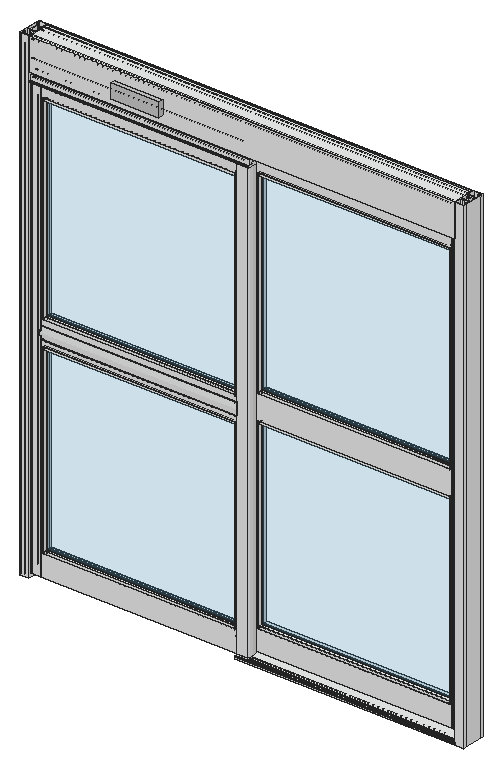
Revit family "2-6-4_Sliding-Door_TX9300SL_Single-LH-Inside-Slide-SO-SX-w-Elec-Lock-Flush-Mnt-Exit-Panic-HDW_Tormax", category Doors, host Wall, Revit 2026
Family settings
  Host = Wall
  Classification Number = 23.30.10.00
  Always vertical = Yes
  Cut with Voids When Loaded = Yes
  Shared = No
  Room Calculation Point = No
Parameters (values of type "7'-0" Package Width")
  Width = 7' - 0"
  URL = "https://www.tormaxusa.com"
  Thickness = 0' - 4 1/2"  # constant formula
  Specification = "https://www.arcat.com/company/tormax-usa-inc-43969/spec"
  Rough Width = Width + 0' 0 1/2"  # 7' - 0 1/2"
  Rough Height = Height + 0' 0 1/4"  # 7' - 8 1/4"
  Product Page URL = "https://www.arcat.com/arcatcos/cos43/arc43969.html"
  Model = "TX9300SL"
  Manufacturer = "Tormax"
  Keynote = "08 42 29"
  Height = 7' - 8"  # constant formula
  Glass = Glass - Tormax
  Frame Projection Ext. = 0' - 0"
  Frame Projection Int. = 0' - 0"
  Frame Width = 0' - 0"
  Wall Closure = By host
  Door Width = Width / 2 - 0' 0 9/16"  # 3' - 5 7/16"
  Door Height = Height  # 7' - 8"
  Frame Material = Aluminum - Tormax
  Description = "Single LH Inside Slide Application (SO-SX) w/ Electric Lock & Flush Mount Exit Panic HDW, 7'-0\" Package Width"
  Define Thermal Properties by = Schematic Type
  Copyright = "ARCAT"
  CAD Details = "https://www.arcat.com/company/tormax-usa-inc-43969/cad"
  Analytic Construction = "<None>"
Reference planes (in)
  plane 1 "Center (Front/Back)": y = 0
  plane 2 "Center (Left/Right)": x = 0
  plane 3 "Left": x = -42.25
  plane 4 "Right": x = 42.25
  plane 5 "Top": z = 91.75
  plane 6 "Exterior": y = 3
  plane 7 "Interior": y = -3
  plane 8: x = -1.3125
  plane 9: x = 1.3125
  plane 10: y = -2.25
  plane 11 "4": z = 85
  plane 12: x = -42
  plane 13: x = 42
  plane 14: z = 91.5
  plane 15: y = 2.25
  plane 16: x = -40.24908
  plane 17: x = 40.24908
  plane 18: y = 0.9375
  plane 19: y = -1.38997
  plane 20: x = -19.46829
  plane 21: z = 0.5
  plane 22: z = -0.5
Forms (in)
  Extrusion 1, solid, material "Plastic - Tormax - Grey"
    sketch origin (0, 0, 0) x (1, 0, 0) y (0, 0, 1)
      loop
        line (-23.96829, 89.555) -> (-23.96829, 86.945) -> (-14.96829, 86.945) -> (-14.96829, 89.555) -> (-23.96829, 89.555)
    from 2.23036 to 3.23036
  Extrusion 2, solid, material "Plastic - Tormax - Grey"
    sketch origin (0, 0, 0) x (1, 0, 0) y (0, 0, 1)
      loop
        line (-23.96829, 89.555) -> (-23.96829, 86.945) -> (-14.96829, 86.945) -> (-14.96829, 89.555) -> (-23.96829, 89.555)
    from -3.23457 to -2.23457
  Sweep 3, solid, material "Aluminum - Tormax" <- "Frame Material"
    path origin (0, 0, 0) x (1, 0, 0) y (0, 0, 1)
      loop
        line (-40.24908, 85) -> (40.24908, 85)
    profile origin (0, 0, 85) x (0, 0, 1) y (0, -1, 0)
      loop
        line (5.77619, 2.07466) -> (5.77619, 1.22179) -> (5.91858, 1.22179)
        arc (5.91858, 1.22179) -> (5.95775, 1.20557) -> (5.97397, 1.1664) r 0.05539
        line (5.97397, 1.1664) -> (5.97397, 1.11939) -> (6.03942, 1.11939) -> (6.06795, 1.15867) -> (6.25171, 1.15867) -> (6.25171, 0.53164) -> (6.11284, 0.53164) -> (6.11284, 0.64246) -> (6.03429, 0.64246) -> (6.03429, 0.53164) -> (5.97397, 0.53164) -> (5.97397, 0.29669) -> (6.05393, 0.29669) -> (6.05393, 0.42995) -> (6.1928, 0.42995) -> (6.1928, 0.32403) -> (6.33027, 0.32403) -> (6.33027, -0.00721) -> (6.1928, -0.00721) -> (6.1928, -0.11382) -> (6.05393, -0.11382) -> (6.05393, 0.01944) -> (5.97397, 0.01944) -> (5.97397, -0.19378) -> (6.27276, -0.19378) -> (6.27276, -0.11503)
        arc (6.27276, -0.11503) -> (6.30151, -0.08627) -> (6.33027, -0.11503) r 0.02876
        line (6.33027, -0.11503) -> (6.33027, -0.44908)
        arc (6.33027, -0.44908) -> (6.30151, -0.47783) -> (6.27276, -0.44908) r 0.02876
        line (6.27276, -0.44908) -> (6.27276, -0.37032) -> (5.97397, -0.37032) -> (5.97397, -0.58354) -> (6.05393, -0.58354) -> (6.05393, -0.45028) -> (6.1928, -0.45028) -> (6.1928, -0.55689) -> (6.33027, -0.55689) -> (6.33027, -0.88653) -> (6.1928, -0.88653) -> (6.1928, -0.99314) -> (6.05393, -0.99314) -> (6.05393, -0.85988) -> (5.97397, -0.85988) -> (5.97397, -1.0731) -> (6.27276, -1.0731) -> (6.27276, -0.99434)
        arc (6.27276, -0.99434) -> (6.30151, -0.96559) -> (6.33027, -0.99434) r 0.02876
        line (6.33027, -0.99434) -> (6.33027, -1.32981)
        arc (6.33027, -1.32981) -> (6.30151, -1.35856) -> (6.27276, -1.32981) r 0.02876
        line (6.27276, -1.32981) -> (6.27276, -1.25125) -> (5.97397, -1.25125) -> (5.97397, -1.46306) -> (6.05393, -1.46306) -> (6.05393, -1.3298) -> (6.1928, -1.3298) -> (6.1928, -1.43623) -> (6.24189, -1.43623) -> (6.24189, -1.76475) -> (6.1928, -1.76475) -> (6.1928, -1.87407) -> (6.05393, -1.87407) -> (6.05393, -1.7394) -> (5.97397, -1.7394) -> (5.97397, -1.93598)
        arc (5.97397, -1.93598) -> (5.93664, -2.02611) -> (5.84651, -2.06344) r 0.12746
        line (5.84651, -2.06344) -> (1.75483, -2.06344) -> (1.75483, -1.53331) -> (1.9456, -1.35354) -> (1.9456, -0.73504) -> (1.83128, -0.62071) -> (2.08658, -0.36541) -> (2.03117, -0.31001) -> (1.93648, -0.40469) -> (1.83689, -0.3051) -> (1.91264, -0.22935) -> (1.85512, -0.17184) -> (2.08868, 0.06172) -> (2.14619, 0.00421) -> (2.22127, 0.07928) -> (2.32086, -0.02032) -> (2.22615, -0.11502) -> (2.28156, -0.17043) -> (2.38466, -0.06733) -> (2.38466, 0.9202) -> (2.23457, 0.9202) -> (2.23457, 0.32723)
        arc (2.23457, 0.32723) -> (2.2005, 0.23362) -> (2.11423, 0.18382) r 0.14562
        line (2.11423, 0.18382) -> (2.0338, 0.16963)
        arc (2.0338, 0.16963) -> (1.99627, 0.15695) -> (1.96422, 0.13365) r 0.13141
        line (1.96422, 0.13365) -> (1.83569, 0.00654)
        arc (1.83569, 0.00654) -> (1.6158, -0.06179) -> (1.43332, 0.07864) r 0.25
        line (1.43332, 0.07864) -> (1.36206, 0.23145) -> (1.17269, 0.23145) -> (1.17269, 0.1529) -> (1.30595, 0.1529) -> (1.30595, 0.01262) -> (1.19934, 0.01262) -> (1.19934, -0.06867) -> (0.8697, -0.06867) -> (0.8697, 0.01262) -> (0.76309, 0.01262) -> (0.76309, 0.1529) -> (0.89635, 0.1529) -> (0.89635, 0.23145) -> (0.59196, 0.23145) -> (0.59196, 0.11643) -> (0.47481, 0.11643)
        arc (0.47481, 0.11643) -> (0.40392, 0.14579) -> (0.37455, 0.21669) r 0.10026
        line (0.37455, 0.21669) -> (0.37455, 1.02507)
        arc (0.37455, 1.02507) -> (0.36443, 1.03854) -> (0.34867, 1.03258) r 0.01403
        line (0.34867, 1.03258) -> (0.23145, 0.84785) -> (0.23145, 0.28897) -> (-0.01964, 0.28897) -> (-0.01964, 0.45028) -> (-0.21462, 0.45028) -> (-0.21462, 0.4068) -> (-0.15431, 0.4068) -> (-0.15431, 0.33666) -> (-0.48395, 0.33666) -> (-0.48395, 0.4068) -> (-0.42504, 0.4068) -> (-0.42504, 0.45028) -> (-0.62422, 0.45028) -> (-0.62422, 0.04489) -> (-0.42504, 0.04489) -> (-0.42504, 0.08837) -> (-0.48395, 0.08837) -> (-0.48395, 0.15851) -> (-0.15431, 0.15851) -> (-0.15431, 0.08837) -> (-0.21462, 0.08837) -> (-0.21462, 0.04489) -> (0, 0.04489) -> (0, -2.23457) -> (6.5, -2.23457) -> (6.5, -2.00635)
        arc (6.5, -2.00635) -> (6.48905, -1.99208) -> (6.47243, -1.99896) r 0.01477
        line (6.47243, -1.99896) -> (6.41577, -2.09711)
        arc (6.41577, -2.09711) -> (6.39129, -2.10725) -> (6.37515, -2.08622) r 0.02177
        line (6.37515, -2.08622) -> (6.37515, -1.85076) -> (6.5, -1.72592) -> (6.5, 2.23036) -> (0.28141, 2.23036) -> (0.28141, 1.68048) -> (0.40539, 1.68048) -> (0.40539, 2.10552) -> (6.03008, 2.10552) -> (6.03008, 1.97602) -> (5.93246, 1.97602)
        arc (5.93246, 1.97602) -> (5.88314, 1.9267) -> (5.93246, 1.87738) r 0.04932
        line (5.93246, 1.87738) -> (6.29099, 1.87738) -> (6.29099, 2.1562) -> (6.34244, 2.14241)
        arc (6.34244, 2.14241) -> (6.39719, 1.79317) -> (6.22817, 1.4827) r 0.55026
        line (6.22817, 1.4827) -> (6.14932, 1.4827) -> (6.14932, 1.35631) -> (5.87438, 1.35631) -> (5.87438, 1.93675)
        arc (5.87438, 1.93675) -> (5.89217, 1.97971) -> (5.93513, 1.99751) r 0.06075
        line (5.93513, 1.99751) -> (5.99221, 1.99751) -> (5.99221, 2.07466) -> (5.77619, 2.07466)
      loop
        line (0.07995, -1.86565) -> (0.26091, -1.86565) -> (0.26091, -1.94734) -> (0.30619, -1.97106) -> (0.30619, -2.06344) -> (1.5851, -2.06344) -> (1.5851, -1.38773) -> (1.33962, -1.38773) -> (1.33962, -1.17409) -> (1.41957, -1.17409) -> (1.41957, -1.30735) -> (1.55985, -1.30735) -> (1.55985, -1.20075) -> (1.75062, -1.20075) -> (1.75062, -0.8711) -> (1.55985, -0.8711) -> (1.55985, -0.76309) -> (1.41957, -0.76309) -> (1.41957, -0.89776) -> (1.33962, -0.89776) -> (1.33962, -0.66367) -> (1.69036, -0.66367) -> (1.69036, -0.25479) -> (1.4982, -0.21838) -> (0.7408, -0.21838) -> (0.47711, -0.03365) -> (0.3058, -0.03421) -> (0.3058, -0.2539) -> (0.26091, -0.28335) -> (0.26091, -0.39978) -> (0.07995, -0.39978) -> (0.07995, -1.86565)
  Sweep 4, solid, material "Aluminum - Tormax" <- "Frame Material"
    path origin (0, 0, 0) x (1, 0, 0) y (0, 0, 1)
      loop
        line (-42, 91.5) -> (-42, -0.5)
    profile origin (-42, 0, 45.5) x (0, -1, 0) y (1, 0, 0)
      loop
        line (-2.25, 0) -> (-1.81515, 0) -> (-1.81515, 0.11322) -> (-1.69933, 0.11322)
        arc (-1.69933, 0.11322) -> (-1.69067, 0.15137) -> (-1.70596, 0.18738) r 0.06366
        line (-1.70596, 0.18738) -> (-1.81808, 0.18738)
        arc (-1.81808, 0.18738) -> (-1.86945, 0.1699) -> (-1.89951, 0.12472) r 0.08425
        line (-1.89951, 0.12472) -> (-2.12383, 0.12472) -> (-2.12383, 1.62444) -> (-1.01125, 1.62444)
        arc (-1.01125, 1.62444) -> (-0.97854, 1.4893) -> (-0.88136, 1.38986) r 0.2623
        line (-0.88136, 1.38986) -> (-0.88136, 0.87481)
        arc (-0.88136, 0.87481) -> (-0.81729, 0.72014) -> (-0.66261, 0.65607) r 0.21875
        line (-0.66261, 0.65607) -> (0.66817, 0.65607)
        arc (0.66817, 0.65607) -> (0.82039, 0.71912) -> (0.88344, 0.87134) r 0.21527
        line (0.88344, 0.87134) -> (0.88344, 1.39109)
        arc (0.88344, 1.39109) -> (0.97912, 1.49036) -> (1.01125, 1.62444) r 0.2623
        line (1.01125, 1.62444) -> (2.12383, 1.62444) -> (2.12383, 0.12472) -> (1.89951, 0.12472)
        arc (1.89951, 0.12472) -> (1.86945, 0.1699) -> (1.81808, 0.18738) r 0.08425
        line (1.81808, 0.18738) -> (1.71377, 0.18738)
        arc (1.71377, 0.18738) -> (1.69848, 0.15137) -> (1.70714, 0.11322) r 0.06366
        line (1.70714, 0.11322) -> (1.80734, 0.11322) -> (1.80734, 0) -> (2.25, 0) -> (2.25, 1.75092) -> (0.85905, 1.75092) -> (0.85905, 1.49159) -> (0.72205, 1.49159) -> (0.72205, 1.6564) -> (0.66591, 1.6564) -> (0.66591, 1.42631) -> (0.75855, 1.42631) -> (0.75855, 0.87892)
        arc (0.75855, 0.87892) -> (0.72992, 0.80981) -> (0.6608, 0.78118) r 0.09775
        line (0.6608, 0.78118) -> (-0.65544, 0.78118)
        arc (-0.65544, 0.78118) -> (-0.72688, 0.81077) -> (-0.75647, 0.88221) r 0.10104
        line (-0.75647, 0.88221) -> (-0.75647, 1.42631) -> (-0.65809, 1.42631) -> (-0.65809, 1.65835) -> (-0.72205, 1.65835) -> (-0.72205, 1.49159) -> (-0.85868, 1.49159) -> (-0.85868, 1.75092) -> (-2.25, 1.75092) -> (-2.25, 0)
      loop
        line (-1.77192, 0) -> (1.76565, 0) -> (1.76565, 0.07235) -> (1.60504, 0.07235) -> (1.60504, 0.18932) -> (1.6607, 0.18932) -> (1.59241, 0.37695)
        arc (1.59241, 0.37695) -> (1.54664, 0.39829) -> (1.52529, 0.35252) r 0.03571
        line (1.52529, 0.35252) -> (1.57291, 0.22167) -> (1.53738, 0.20277) -> (1.53738, 0.07235) -> (0.63819, 0.07235) -> (0.63819, 0.55414) -> (0.55418, 0.55414) -> (0.55418, 0.07235) -> (-1.53738, 0.07235) -> (-1.53738, 0.20277) -> (-1.57291, 0.22167) -> (-1.52529, 0.35252)
        arc (-1.52529, 0.35252) -> (-1.54664, 0.39829) -> (-1.59241, 0.37695) r 0.03571
        line (-1.59241, 0.37695) -> (-1.6607, 0.18932) -> (-1.60504, 0.18932) -> (-1.60504, 0.07235) -> (-1.77192, 0.07235) -> (-1.77192, 0)
      loop
        line (-0.57123, 1.42631) -> (-0.50727, 1.42631) -> (-0.50727, 1.69246) -> (0.50727, 1.69246) -> (0.50727, 1.42631) -> (0.57123, 1.42631) -> (0.57123, 1.69246) -> (0.72205, 1.69246) -> (0.72205, 1.75092) -> (-0.72205, 1.75092) -> (-0.72205, 1.69246) -> (-0.57123, 1.69246) -> (-0.57123, 1.42631)
  Sweep 5, solid, material "Aluminum - Tormax" <- "Frame Material"
    path origin (0, 0, 0) x (-1, 0, 0) y (0, 0, -1)
      loop
        line (-42, -91.5) -> (-42, 0.5)
    profile origin (42, 0, 45.5) x (0, -1, 0) y (1, 0, 0)
      loop
        line (-2.25, 0) -> (-2.25, -1.75092) -> (-0.85868, -1.75092) -> (-0.85868, -1.49159) -> (-0.72205, -1.49159) -> (-0.72205, -1.65835) -> (-0.65809, -1.65835) -> (-0.65809, -1.42631) -> (-0.75647, -1.42631) -> (-0.75647, -0.88221)
        arc (-0.75647, -0.88221) -> (-0.72688, -0.81077) -> (-0.65544, -0.78118) r 0.10104
        line (-0.65544, -0.78118) -> (0.6608, -0.78118)
        arc (0.6608, -0.78118) -> (0.72992, -0.80981) -> (0.75855, -0.87892) r 0.09775
        line (0.75855, -0.87892) -> (0.75855, -1.42631) -> (0.66591, -1.42631) -> (0.66591, -1.6564) -> (0.72205, -1.6564) -> (0.72205, -1.49159) -> (0.85905, -1.49159) -> (0.85905, -1.75092) -> (2.25, -1.75092) -> (2.25, 0) -> (1.80734, 0) -> (1.80734, -0.11322) -> (1.70714, -0.11322)
        arc (1.70714, -0.11322) -> (1.69848, -0.15137) -> (1.71377, -0.18738) r 0.06366
        line (1.71377, -0.18738) -> (1.81808, -0.18738)
        arc (1.81808, -0.18738) -> (1.86945, -0.1699) -> (1.89951, -0.12472) r 0.08425
        line (1.89951, -0.12472) -> (2.12383, -0.12472) -> (2.12383, -1.62444) -> (1.01125, -1.62444)
        arc (1.01125, -1.62444) -> (0.97912, -1.49036) -> (0.88344, -1.39109) r 0.2623
        line (0.88344, -1.39109) -> (0.88344, -0.87134)
        arc (0.88344, -0.87134) -> (0.82039, -0.71912) -> (0.66817, -0.65607) r 0.21527
        line (0.66817, -0.65607) -> (-0.66261, -0.65607)
        arc (-0.66261, -0.65607) -> (-0.81729, -0.72014) -> (-0.88136, -0.87481) r 0.21875
        line (-0.88136, -0.87481) -> (-0.88136, -1.38986)
        arc (-0.88136, -1.38986) -> (-0.97854, -1.4893) -> (-1.01125, -1.62444) r 0.2623
        line (-1.01125, -1.62444) -> (-2.12383, -1.62444) -> (-2.12383, -0.12472) -> (-1.89951, -0.12472)
        arc (-1.89951, -0.12472) -> (-1.86945, -0.1699) -> (-1.81808, -0.18738) r 0.08425
        line (-1.81808, -0.18738) -> (-1.70596, -0.18738)
        arc (-1.70596, -0.18738) -> (-1.69067, -0.15137) -> (-1.69933, -0.11322) r 0.06366
        line (-1.69933, -0.11322) -> (-1.81515, -0.11322) -> (-1.81515, 0) -> (-2.25, 0)
      loop
        line (-1.77192, 0) -> (-1.77192, -0.07235) -> (-1.60504, -0.07235) -> (-1.60504, -0.18932) -> (-1.6607, -0.18932) -> (-1.59241, -0.37695)
        arc (-1.59241, -0.37695) -> (-1.54664, -0.39829) -> (-1.52529, -0.35252) r 0.03571
        line (-1.52529, -0.35252) -> (-1.57291, -0.22167) -> (-1.53738, -0.20277) -> (-1.53738, -0.07235) -> (0.55418, -0.07235) -> (0.55418, -0.55414) -> (0.63819, -0.55414) -> (0.63819, -0.07235) -> (1.53738, -0.07235) -> (1.53738, -0.20277) -> (1.57291, -0.22167) -> (1.52529, -0.35252)
        arc (1.52529, -0.35252) -> (1.54664, -0.39829) -> (1.59241, -0.37695) r 0.03571
        line (1.59241, -0.37695) -> (1.6607, -0.18932) -> (1.60504, -0.18932) -> (1.60504, -0.07235) -> (1.76565, -0.07235) -> (1.76565, 0) -> (-1.77192, 0)
      loop
        line (-0.57123, -1.42631) -> (-0.57123, -1.69246) -> (-0.72205, -1.69246) -> (-0.72205, -1.75092) -> (0.72205, -1.75092) -> (0.72205, -1.69246) -> (0.57123, -1.69246) -> (0.57123, -1.42631) -> (0.50727, -1.42631) -> (0.50727, -1.69246) -> (-0.50727, -1.69246) -> (-0.50727, -1.42631) -> (-0.57123, -1.42631)
  Sweep 6, solid, material "Aluminum - Tormax"
    path origin (0, 0, 0) x (1, 0, 0) y (0, 0, 1)
      loop
        line (40.24908, 0) -> (-1.3125, 0)
    profile origin (19.46829, 0, 0) x (0, 0, -1) y (0, -1, 0)
      loop
        line (0, -2.25) -> (0.14181, -2.25) -> (0.14181, -2.17159)
        arc (0.14181, -2.17159) -> (0.17634, -2.06652) -> (0.25381, -1.98759) r 0.24334
        arc (0.25381, -1.98759) -> (0.34911, -2.01203) -> (0.31877, -2.10562) r 0.0675
        line (0.31877, -2.10562) -> (0.27681, -2.12542) -> (0.27681, -2.25) -> (0.5, -2.25) -> (0.5, -1.721) -> (0.25, -1.721) -> (0.25, -1.221) -> (0.5, -1.221) -> (0.5, -1.021) -> (0.25, -1.021) -> (0.25, -0.721) -> (0.5, -0.721) -> (0.5, -0.521) -> (0.25, -0.521) -> (0.25, -0.221) -> (0.5, -0.221) -> (0.5, -0.021) -> (0.25, -0.021) -> (0.25, 0.279) -> (0.5, 0.279) -> (0.5, 0.479) -> (0.25, 0.479) -> (0.25, 0.779) -> (0.5, 0.779) -> (0.5, 1.30347) -> (0.25, 1.30347) -> (0.25, 1.52047) -> (0.5, 1.52047) -> (0.5, 2.25) -> (0.27681, 2.25) -> (0.27681, 2.12542) -> (0.31877, 2.10562)
        arc (0.31877, 2.10562) -> (0.34911, 2.01203) -> (0.25381, 1.98759) r 0.0675
        arc (0.25381, 1.98759) -> (0.17634, 2.06652) -> (0.14181, 2.17159) r 0.24334
        line (0.14181, 2.17159) -> (0.14181, 2.25) -> (0, 2.25) -> (0, 1.86397) -> (0.34, 1.86397) -> (0.34, 1.64697) -> (0, 1.64697) -> (0, 1.17697) -> (0.34, 1.17697) -> (0.34, 0.95997) -> (0, 0.95997) -> (0, -2.25)
  Extrusion 7, solid, material "Aluminum - Tormax"
    sketch origin (0, 0, 0) x (0, 1, 0) y (0, 0, 1)
      loop
        line (-0.95997, 0) -> (-1.17697, 0) -> (-1.17697, -0.34) -> (-0.95997, -0.34) -> (-0.95997, 0)
      loop
        line (-1.64697, 0) -> (-1.86397, 0) -> (-1.86397, -0.34) -> (-1.64697, -0.34) -> (-1.64697, 0)
    from -1.3125 to 0
  Extrusion 8, void
    sketch origin (0, 0, 0) x (1, 0, 0) y (0, 0, 1)
      loop
        line (42, -0.5) -> (42, 0) -> (-1.3125, 0) -> (-1.3125, -0.5) -> (42, -0.5)
      loop
        line (-42, -0.5) -> (-40.24908, -0.5) -> (-40.24908, 0) -> (-42, 0) -> (-42, -0.5)
    from -2.25 to 2.25
  Extrusion 9, solid, material "Aluminum - Tormax"
    sketch origin (0, 0, 0) x (0, 1, 0) y (0, 0, 1)
      loop
        line (-0.95997, -0.34) -> (-0.95997, 0) -> (-1.17697, 0) -> (-1.17697, -0.34) -> (-0.95997, -0.34)
      loop
        line (-1.64697, 0) -> (-1.86397, 0) -> (-1.86397, -0.34) -> (-1.64697, -0.34) -> (-1.64697, 0)
    from -1.3125 to 0
  Sweep 10, solid, material "Aluminum - Tormax" <- "Frame Material"
    path origin (0, 0, 0) x (1, 0, 0) y (0, 0, 1)
      loop
        line (1.3125, 85) -> (-40.24908, 85)
    profile origin (-19.46829, 0, 85) x (0, 0, -1) y (0, -1, 0)
      loop
        line (0.72726, 1.03663) -> (0.72726, 1.51952)
        arc (0.72726, 1.51952) -> (0.80511, 1.59737) -> (0.88296, 1.51952) r 0.07785
        line (0.88296, 1.51952) -> (0.88296, 1.18779)
        arc (0.88296, 1.18779) -> (0.94959, 1.12116) -> (1.01622, 1.18779) r 0.06663
        line (1.01622, 1.18779) -> (1.01622, 2.10973) -> (0.02518, 2.10973) -> (0.02518, 1.55985) -> (-2.37204, 1.55985)
        arc (-2.37204, 1.55985) -> (-2.41952, 1.67959) -> (-2.53701, 1.73239) r 0.17128
        line (-2.53701, 1.73239) -> (-2.78024, 1.73239) -> (-2.78024, 1.49813) -> (-2.70028, 1.49813) -> (-2.70028, 1.63279) -> (-2.56141, 1.63279) -> (-2.56141, 1.52478) -> (-2.46883, 1.52478) -> (-2.46883, 1.19514) -> (-2.56141, 1.19514) -> (-2.56141, 1.08853) -> (-2.70028, 1.08853) -> (-2.70028, 1.22179) -> (-2.78024, 1.22179) -> (-2.78024, 0.98753) -> (-2.53714, 0.98753)
        arc (-2.53714, 0.98753) -> (-2.41956, 1.04028) -> (-2.37204, 1.16007) r 0.17128
        line (-2.37204, 1.16007) -> (0.02518, 1.16007) -> (0.02518, 0.6102) -> (0.70201, 0.6102) -> (0.70201, 0.79396) -> (0.72726, 1.03663)
Cuts and joins
  joined: Sweep 6, Extrusion 7, Extrusion 9
Lines and regions (in)
  Opening 1
    outline origin (-90, -3, 0) x (1, 0, 0) y (0, 0, 1)
      loop
        line (47.75, 0) -> (132.25, 0) -> (132.25, 91.75) -> (47.75, 91.75) -> (47.75, 0)
  symbolic lines, not visible
    curve 1: line (-27.55636, -4.55425, 0) -> (-26.25733, -3.80425, 0)
    curve 2: line (-27.55636, -4.55425, 0) -> (-26.25733, -5.30425, 0)
    curve 3: line (-27.55636, -4.55425, 0) -> (-24.55636, -4.55425, 0)
    curve 4: line (-24.55636, -4.55425, 0) -> (-21.55636, -4.55425, 0)
    curve 5: line (22.54055, 0, 51.7829) -> (23.83959, 0, 52.5329)
    curve 6: line (22.54055, 0, 51.7829) -> (23.83959, 0, 51.0329)
    curve 7: line (22.54055, 0, 51.7829) -> (25.54055, 0, 51.7829)
    curve 8: line (25.54055, 0, 51.7829) -> (28.54055, 0, 51.7829)
  symbolic lines
    curve 9: arc (-42.25, 2.25, 0) -> (-42.125, 2.20201, 0) -> (-42, 2.25, 0) r 0.1868
    curve 10: arc (-42.25, -2.25, 0) -> (-42.125, -2.20201, 0) -> (-42, -2.25, 0) r 0.1868
    curve 11: arc (42.25, 2.25, 0) -> (42.125, 2.20201, 0) -> (42, 2.25, 0) r 0.1868
    curve 12: arc (42.25, -2.25, 0) -> (42.125, -2.20201, 0) -> (42, -2.25, 0) r 0.1868
    curve 13: arc (0, -2.25, 91.75) -> (0, -2.20222, 91.625) -> (0, -2.25, 91.5) r 0.18739
    curve 14: arc (0, 2.25, 91.75) -> (0, 2.20222, 91.625) -> (0, 2.25, 91.5) r 0.18739
    curve 18: line (-16.46829, 6.25114, 0) -> (-17.76733, 7.00114, 0)
    curve 19: line (-16.46829, 6.25114, 0) -> (-17.76733, 5.50114, 0)
    curve 20: line (-16.46829, 6.25114, 0) -> (-19.46829, 6.25114, 0)
    curve 21: line (-19.46829, 6.25114, 0) -> (-22.46829, 6.25114, 0)
    curve 22: line (-16.46829, 0, 48.75) -> (-17.76733, 0, 49.5)
    curve 23: line (-16.46829, 0, 48.75) -> (-17.76733, 0, 48)
    curve 24: line (-16.46829, 0, 48.75) -> (-19.46829, 0, 48.75)
    curve 25: line (-19.46829, 0, 48.75) -> (-22.46829, 0, 48.75)
  symbolic lines, style "Elevation Swing"
    curve 15: line (-1.3125, 0, -0.5) -> (40.24908, 0, -0.5)
    curve 16: line (-1.3125, 0, -0.5) -> (-1.3125, 0, 0)
    curve 17: line (40.24908, 0, -0.5) -> (40.24908, 0, 0)
Text (in)
  text "Exterior" at (-89.54225, 15.77679, 0), in view "Ref. Level"
  text "Interior" at (-89.54225, -14.10869, 0), in view "Ref. Level"
  text "Exterior" at (0, 40.15149, 123.01588), in view "Right"
  text "Interior" at (0, -64.39139, 123.01588), in view "Right"
  text "Interior" at (0, -31.01599, 123.00693), in view "Left"
  text "Exterior" at (0, 54.57065, 123.00693), in view "Left"
Dimensions and locks (in)
  "Rough Height": plane 22 to plane 5 "Top"
  equal spacing: plane 3 "Left", plane 2 "Center (Left/Right)", plane 4 "Right"
  level to plane 5 "Top" = 7' - 7 3/4"
  "Rough Width": plane 3 "Left" to plane 4 "Right"
  equal spacing: plane 12, plane 2 "Center (Left/Right)", plane 13
  "Width": plane 12 to plane 13
  "Door Height": plane 14 to plane 22
  plane 14 to plane 11 "4" = 0' - 6 1/2"
  locked: plane 12 to plane 16 at 1.75092
  locked: plane 17 to plane 13 at 1.75092
  equal spacing: plane 8, plane 2 "Center (Left/Right)", plane 9
  locked: plane 8 to plane 9 at 2.625
  plane 2 "Center (Left/Right)" to plane 9 = 0' - 1 5/16"
  locked: plane 10 to plane 19 at 0.86003
  plane 18 to plane 15 = 0' - 1 5/16"
  Extrusion 1 sketch curve to plane 20 to Extrusion 1 sketch curve = 0' - 4 1/2" locked, 0' - 4 1/2" locked
  Extrusion 1 sketch curve to Extrusion 1 sketch curve to plane 11 "4" = 0' - 2.61" locked, 0' - 1.945" locked
  Extrusion 2 sketch curve to Extrusion 2 sketch curve = 0' - 9"
  locked: Extrusion 2 sketch curve to Extrusion 2 sketch curve at 2.61
  Extrusion 1 to plane 10 = 0' - 0.98036"
  plane 15 to Extrusion 2 = 0' - 0.98457"
  locked: Sweep 6 sketch curve to level at 0.5
  locked: plane 21 to level at 0.5
  locked: plane 22 to level at 0.5
  locked: plane 14 to plane 11 "4" at 6.5
  equal spacing: plane 16, plane 20, plane 9
  locked: curve 21 to plane 15 at 4.00114
  locked: level to curve 25 at 48.75
  locked: Extrusion 1 to Sweep 3 at 1
  locked: Sweep 3 to Extrusion 2 at 1
  aligned and locked: Opening 1 sketch curve to level
  aligned and locked: plane 6 "Exterior" to host wall
  aligned and locked: plane 7 "Interior" to host wall
  aligned and locked: Opening 1 sketch curve to plane 3 "Left"
  aligned and locked: Opening 1 sketch curve to plane 4 "Right"
  aligned and locked: plane 5 "Top" to Opening 1 sketch curve
  aligned and locked: plane 3 "Left" to curve 9
  aligned and locked: plane 15 to curve 9  (x2)
  aligned and locked: plane 12 to curve 9
  aligned and locked: plane 10 to curve 10  (x2)
  aligned and locked: plane 12 to curve 10
  aligned and locked: plane 3 "Left" to curve 10
  aligned and locked: plane 13 to curve 11
  aligned and locked: plane 4 "Right" to curve 11
  aligned and locked: plane 15 to curve 11  (x2)
  aligned and locked: plane 10 to curve 12  (x2)
  aligned and locked: plane 13 to curve 12
  aligned and locked: plane 4 "Right" to curve 12
  aligned and locked: plane 5 "Top" to curve 13
  aligned and locked: plane 14 to curve 13
  aligned and locked: plane 10 to curve 13  (x2)
  aligned and locked: plane 5 "Top" to curve 14
  aligned and locked: plane 15 to curve 14  (x2)
  aligned and locked: plane 14 to curve 14
  aligned and locked: Sweep 4 sketch curve to plane 16  (x3)
  aligned and locked: plane 12 to Sweep 4 sketch curve  (x3)
  aligned and locked: plane 13 to Sweep 5 sketch curve  (x3)
  aligned and locked: plane 17 to Sweep 5 sketch curve  (x3)
  aligned and locked: plane 10 to Sweep 5 sketch curve
  aligned and locked: Sweep 5 sketch curve to plane 15
  aligned and locked: plane 15 to Sweep 4 sketch curve
  aligned and locked: Sweep 4 sketch curve to plane 10
  aligned and locked: Sweep 5 sketch curve to plane 13
  aligned and locked: plane 14 to Sweep 5 sketch curve
  aligned and locked: level to Sweep 6 sketch curve
  aligned and locked: Sweep 6 sketch curve to level
  aligned and locked: Sweep 6 sketch curve to plane 15
  aligned and locked: Sweep 6 sketch curve to plane 10  (x2)
  aligned and locked: level to Extrusion 7 sketch curve
  aligned and locked: Extrusion 7 sketch curve to Sweep 6  (x6)
  aligned and locked: level to curve 17
  aligned and locked: plane 22 to Sweep 5 sketch curve
  aligned and locked: plane 22 to Sweep 4 sketch curve
  aligned and locked: plane 13 to Extrusion 8 sketch curve
  aligned and locked: plane 22 to Extrusion 8 sketch curve
  aligned and locked: plane 12 to Extrusion 8 sketch curve
  aligned and locked: Extrusion 8 to plane 15
  aligned and locked: plane 10 to Extrusion 8
  aligned and locked: Extrusion 8 sketch curve to level  (x2)
  aligned and locked: Extrusion 8 sketch curve to plane 22
  aligned and locked: Extrusion 8 sketch curve to plane 16
  aligned and locked: Extrusion 8 sketch curve to plane 8
  aligned and locked: plane 17 to curve 17
  aligned and locked: level to curve 16
  aligned and locked: curve 16 to plane 8
  aligned and locked: plane 17 to Sweep 6 sketch curve
  aligned and locked: plane 8 to Sweep 6 sketch curve
  aligned and locked: Extrusion 9 to plane 8
  aligned and locked: plane 2 "Center (Left/Right)" to Extrusion 9
  aligned and locked: Extrusion 7 to plane 8
  aligned and locked: plane 2 "Center (Left/Right)" to Extrusion 7
  aligned and locked: nested 2 to plane 19
  aligned and locked: nested 2 to plane 9
  aligned and locked: plane 8 to nested 1
  aligned and locked: plane 18 to nested 1
  aligned and locked: plane 20 to curve 21
  aligned and locked: plane 20 to curve 25
  aligned and locked: Sweep 3 sketch curve to plane 14
  aligned and locked: Sweep 3 sketch curve to profile plane
  aligned and locked: Extrusion 2 to Sweep 3
  aligned and locked: Extrusion 1 to Sweep 3
  aligned and locked: Sweep 10 sketch curve to plane 11 "4"
  aligned and locked: plane 16 to Sweep 10 sketch curve
  aligned and locked: plane 9 to Sweep 10 sketch curve
Automatic sketch dimensions
  curve 1 to curve 2 = 0' - 0"
  curve 2 to curve 3 = 0' - 1.70096"
  curve 2 to curve 1 = 0' - 1 1/2"
  curve 1 to curve 4 = 0' - 3"
  curve 3 to curve 4 = 0' - 3"
  curve 2 to curve 1 = 0' - 0 3/4"
  Sweep 4 sketch curve to plane 12 = 0' - 0"
  Sweep 4 sketch curve to plane 14 = 0' - 0"
  plane 10 to curve 10 = 0' - 0.13881"
  plane 10 to curve 12 = 0' - 0.13881"
  curve 11 to plane 15 = 0' - 0.13881"
  curve 9 to plane 15 = 0' - 0.13881"
  plane 10 to curve 13 = 0' - 0.1396"
  curve 14 to plane 15 = 0' - 0.1396"
  Extrusion 2 sketch curve to plane 11 "4" = 0' - 1.945"
  plane 20 to Extrusion 2 sketch curve = 0' - 4 1/2"
  Sweep 3 sketch curve to plane 11 "4" = 0' - 0"
  Sweep 3 sketch curve to plane 16 = 0' - 0"
  plane 17 to Sweep 3 sketch curve = 0' - 0"
  Sweep 4 sketch curve to Sweep 4 sketch curve = 0' - 0.12617"  (x2)
  Sweep 4 sketch curve to profile plane = 0' - 0.12472"
  Sweep 4 sketch curve to Sweep 4 sketch curve = 0' - 0.22432"
  Sweep 4 sketch curve to Sweep 4 sketch curve = 0' - 0.08144"  (x2)
  Sweep 4 sketch curve to Sweep 4 sketch curve = 0' - 0.00293"
  Sweep 4 sketch curve to Sweep 4 sketch curve = 0' - 0.04323"
  Sweep 4 sketch curve to Sweep 4 sketch curve = 0' - 0.06108"
  Sweep 4 sketch curve to Sweep 4 sketch curve = 0' - 0.04812"
  Sweep 4 sketch curve to Sweep 4 sketch curve = 0' - 0.05475"  (x2)
  Sweep 4 sketch curve to profile plane = 0' - 0.18932"  (x2)
  Sweep 4 sketch curve to Sweep 4 sketch curve = 0' - 0.04525"
  Sweep 4 sketch curve to Sweep 4 sketch curve = 0' - 0.09429"
  Sweep 4 sketch curve to profile plane = 0' - 0.37695"  (x2)
  Sweep 4 sketch curve to Sweep 4 sketch curve = 0' - 0.01262"
  Sweep 4 sketch curve to profile plane = 0' - 0.22167"  (x2)
  Sweep 4 sketch curve to Sweep 4 sketch curve = 0' - 0.03212"  (x2)
  Sweep 4 sketch curve to Sweep 4 sketch curve = 0' - 0.03356"  (x4)
  Sweep 4 sketch curve to Sweep 4 sketch curve = 0' - 0.06766"
  Sweep 4 sketch curve to profile plane = 0' - 0.35252"  (x2)
  Sweep 4 sketch curve to plane 1 "Center (Front/Back)" = 0' - 1.01125"
  Sweep 4 sketch curve to Sweep 4 sketch curve = 0' - 0.12989"
  Sweep 4 sketch curve to Sweep 4 sketch curve = 0' - 0.15256"
  Sweep 4 sketch curve to Sweep 4 sketch curve = 0' - 0.10221"
  Sweep 4 sketch curve to Sweep 4 sketch curve = 0' - 0.10961"
  Sweep 4 sketch curve to Sweep 4 sketch curve = 0' - 0.02702"  (x2)
  Sweep 4 sketch curve to Sweep 4 sketch curve = 0' - 0"  (x7)
  Sweep 4 sketch curve to Sweep 4 sketch curve = 0' - 0.09386"
  Sweep 4 sketch curve to Sweep 4 sketch curve = 0' - 0.06396"  (x3)
  Sweep 4 sketch curve to Sweep 4 sketch curve = 0' - 0.00718"
  Sweep 4 sketch curve to Sweep 4 sketch curve = 0' - 0.08686"
  plane 1 "Center (Front/Back)" to Sweep 4 sketch curve = 0' - 0.50727"
  Sweep 4 sketch curve to profile plane = 0' - 0.07235"  (x2)
  plane 1 "Center (Front/Back)" to Sweep 4 sketch curve = 0' - 0.55418"
  Sweep 4 sketch curve to Sweep 4 sketch curve = 0' - 0.084"
  Sweep 4 sketch curve to Sweep 4 sketch curve = 0' - 0.02262"
  Sweep 4 sketch curve to Sweep 4 sketch curve = 0' - 0.09468"
  Sweep 4 sketch curve to Sweep 4 sketch curve = 0' - 0.02998"
  Sweep 4 sketch curve to Sweep 4 sketch curve = 0' - 0.05614"
  Sweep 4 sketch curve to Sweep 4 sketch curve = 0' - 0.0365"
  Sweep 4 sketch curve to Sweep 4 sketch curve = 0' - 0.10049"  (x2)
  Sweep 4 sketch curve to Sweep 4 sketch curve = 0' - 0.02439"
  Sweep 4 sketch curve to Sweep 4 sketch curve = 0' - 0.1522"
  Sweep 4 sketch curve to Sweep 4 sketch curve = 0' - 0.72471"
  Sweep 4 sketch curve to Sweep 4 sketch curve = 0' - 0.01209"
  Sweep 4 sketch curve to Sweep 4 sketch curve = 0' - 0.03554"
  Sweep 4 sketch curve to Sweep 4 sketch curve = 0' - 0.05567"
  Sweep 4 sketch curve to Sweep 4 sketch curve = 0' - 0.04643"
  Sweep 4 sketch curve to Sweep 4 sketch curve = 0' - 0.05307"
  Sweep 4 sketch curve to Sweep 4 sketch curve = 0' - 0.05852"
  Sweep 4 sketch curve to Sweep 4 sketch curve = 0' - 0.04168"
  Sweep 4 sketch curve to Sweep 4 sketch curve = 0' - 0.01074"
  Sweep 4 sketch curve to Sweep 4 sketch curve = 0' - 0.03079"  (x2)
  Sweep 4 sketch curve to Sweep 4 sketch curve = 0' - 0.01009"  (x2)
  Sweep 4 sketch curve to Sweep 4 sketch curve = 0' - 0.02159"
  Sweep 4 sketch curve to Sweep 4 sketch curve = 0' - 0.0189"  (x2)
  Sweep 4 sketch curve to Sweep 4 sketch curve = 0' - 0.4818"
  Sweep 4 sketch curve to profile plane = 0' - 0.65607"
  Sweep 4 sketch curve to Sweep 4 sketch curve = 0' - 0.09016"
  Sweep 4 sketch curve to Sweep 4 sketch curve = 0' - 0.36106"
  Sweep 4 sketch curve to Sweep 4 sketch curve = 0' - 0.35983"
  Sweep 4 sketch curve to Sweep 4 sketch curve = 0' - 0.03645"
  Sweep 4 sketch curve to Sweep 4 sketch curve = 0' - 0.03522"
  Sweep 4 sketch curve to Sweep 4 sketch curve = 0' - 0.10172"
  Sweep 4 sketch curve to Sweep 4 sketch curve = 0' - 0.12477"  (x2)
  Sweep 4 sketch curve to Sweep 4 sketch curve = 0' - 0.04004"
  Sweep 4 sketch curve to Sweep 4 sketch curve = 0' - 0.04199"
  Sweep 4 sketch curve to Sweep 4 sketch curve = 0' - 0.03606"
  Sweep 4 sketch curve to Sweep 4 sketch curve = 0' - 0.03411"
  Sweep 5 sketch curve to Sweep 5 sketch curve = 0' - 0.12617"  (x2)
  profile plane to Sweep 5 sketch curve = 0' - 0.12472"  (x2)
  Sweep 5 sketch curve to Sweep 5 sketch curve = 0' - 0.22432"
  Sweep 5 sketch curve to Sweep 5 sketch curve = 0' - 0.08144"  (x2)
  Sweep 5 sketch curve to Sweep 5 sketch curve = 0' - 0.00293"
  Sweep 5 sketch curve to Sweep 5 sketch curve = 0' - 0.04323"
  Sweep 5 sketch curve to Sweep 5 sketch curve = 0' - 0.06108"
  Sweep 5 sketch curve to Sweep 5 sketch curve = 0' - 0.04812"
  Sweep 5 sketch curve to Sweep 5 sketch curve = 0' - 0.05475"  (x2)
  profile plane to Sweep 5 sketch curve = 0' - 0.18932"  (x2)
  Sweep 5 sketch curve to Sweep 5 sketch curve = 0' - 0.04525"
  Sweep 5 sketch curve to Sweep 5 sketch curve = 0' - 0.09429"
  profile plane to Sweep 5 sketch curve = 0' - 0.37695"  (x2)
  Sweep 5 sketch curve to Sweep 5 sketch curve = 0' - 0.01262"
  profile plane to Sweep 5 sketch curve = 0' - 0.22167"  (x2)
  Sweep 5 sketch curve to Sweep 5 sketch curve = 0' - 0.03212"  (x2)
  Sweep 5 sketch curve to Sweep 5 sketch curve = 0' - 0.03356"  (x4)
  Sweep 5 sketch curve to Sweep 5 sketch curve = 0' - 0.06766"
  profile plane to Sweep 5 sketch curve = 0' - 0.35252"  (x2)
  Sweep 5 sketch curve to plane 1 "Center (Front/Back)" = 0' - 1.01125"
  Sweep 5 sketch curve to Sweep 5 sketch curve = 0' - 0.12989"
  Sweep 5 sketch curve to Sweep 5 sketch curve = 0' - 0.15256"
  Sweep 5 sketch curve to Sweep 5 sketch curve = 0' - 0.10221"
  Sweep 5 sketch curve to Sweep 5 sketch curve = 0' - 0.10961"
  Sweep 5 sketch curve to Sweep 5 sketch curve = 0' - 0.02702"  (x2)
  Sweep 5 sketch curve to Sweep 5 sketch curve = 0' - 0"  (x4)
  Sweep 5 sketch curve to Sweep 5 sketch curve = 0' - 0.09386"
  Sweep 5 sketch curve to Sweep 5 sketch curve = 0' - 0.06396"  (x3)
  Sweep 5 sketch curve to Sweep 5 sketch curve = 0' - 0.00718"
  Sweep 5 sketch curve to Sweep 5 sketch curve = 0' - 0.08686"
  plane 1 "Center (Front/Back)" to Sweep 5 sketch curve = 0' - 0.50727"
  profile plane to Sweep 5 sketch curve = 0' - 0.07235"
  plane 1 "Center (Front/Back)" to Sweep 5 sketch curve = 0' - 0.55418"
  Sweep 5 sketch curve to Sweep 5 sketch curve = 0' - 0.084"
  Sweep 5 sketch curve to Sweep 5 sketch curve = 0' - 0.02262"
  Sweep 5 sketch curve to Sweep 5 sketch curve = 0' - 0.09468"
  Sweep 5 sketch curve to Sweep 5 sketch curve = 0' - 0.02998"
  Sweep 5 sketch curve to Sweep 5 sketch curve = 0' - 0.05614"
  Sweep 5 sketch curve to Sweep 5 sketch curve = 0' - 0.0365"
  Sweep 5 sketch curve to Sweep 5 sketch curve = 0' - 0.10049"
  Sweep 5 sketch curve to Sweep 5 sketch curve = 0' - 0.02439"
  Sweep 5 sketch curve to Sweep 5 sketch curve = 0' - 0.1522"
  Sweep 5 sketch curve to Sweep 5 sketch curve = 0' - 0.72471"
  Sweep 5 sketch curve to Sweep 5 sketch curve = 0' - 0.01209"
  Sweep 5 sketch curve to Sweep 5 sketch curve = 0' - 0.03554"
  Sweep 5 sketch curve to Sweep 5 sketch curve = 0' - 0.05567"
  Sweep 5 sketch curve to Sweep 5 sketch curve = 0' - 0.04643"
  Sweep 5 sketch curve to Sweep 5 sketch curve = 0' - 0.05307"
  Sweep 5 sketch curve to Sweep 5 sketch curve = 0' - 0.05852"
  Sweep 5 sketch curve to Sweep 5 sketch curve = 0' - 0.04168"  (x3)
  Sweep 5 sketch curve to Sweep 5 sketch curve = 0' - 0.01074"
  Sweep 5 sketch curve to Sweep 5 sketch curve = 0' - 0.05846"  (x3)
  Sweep 5 sketch curve to Sweep 5 sketch curve = 0' - 0.03411"
  Sweep 5 sketch curve to Sweep 5 sketch curve = 0' - 0.03606"
  Sweep 5 sketch curve to Sweep 5 sketch curve = 0' - 0.12648"  (x2)
  Sweep 5 sketch curve to Sweep 5 sketch curve = 0' - 0.04199"
  Sweep 5 sketch curve to Sweep 5 sketch curve = 0' - 0.04004"
  Sweep 5 sketch curve to Sweep 5 sketch curve = 0' - 0.12477"
  Sweep 5 sketch curve to Sweep 5 sketch curve = 0' - 0.10172"
  Sweep 5 sketch curve to Sweep 5 sketch curve = 0' - 0.06528"  (x3)
  Sweep 5 sketch curve to Sweep 5 sketch curve = 0' - 0.50765"
  Sweep 5 sketch curve to Sweep 5 sketch curve = 0' - 0.0074"
  Sweep 5 sketch curve to Sweep 5 sketch curve = 0' - 0.10192"
  Sweep 5 sketch curve to Sweep 5 sketch curve = 0' - 0.0189"  (x2)
  Sweep 5 sketch curve to Sweep 5 sketch curve = 0' - 0.00194"  (x2)
  Sweep 5 sketch curve to Sweep 5 sketch curve = 0' - 0.04088"
  Sweep 5 sketch curve to Sweep 5 sketch curve = 0' - 0.03079"
  Sweep 6 sketch curve to profile plane = 0' - 0.14181"  (x2)
  Sweep 6 sketch curve to Sweep 6 sketch curve = 0' - 0.135"  (x2)
  Sweep 6 sketch curve to Sweep 6 sketch curve = 0' - 0.01316"  (x2)
  Sweep 6 sketch curve to Sweep 6 sketch curve = 0' - 0.04196"  (x2)
  Sweep 6 sketch curve to Sweep 6 sketch curve = 0' - 0.06543"  (x2)
  Sweep 6 sketch curve to Sweep 6 sketch curve = 0' - 0"  (x14)
  Sweep 6 sketch curve to Sweep 6 sketch curve = 0' - 0.05696"  (x2)
  Sweep 6 sketch curve to Sweep 6 sketch curve = 0' - 0.07841"  (x2)
  Sweep 6 sketch curve to Sweep 6 sketch curve = 0' - 0.12458"
  Sweep 6 sketch curve to Sweep 6 sketch curve = 0' - 0.0198"  (x2)
  Sweep 6 sketch curve to Sweep 6 sketch curve = 0' - 0.06104"  (x2)
  Sweep 6 sketch curve to Sweep 6 sketch curve = 0' - 0.04617"
  Sweep 6 sketch curve to Sweep 6 sketch curve = 0' - 0.08619"
  Sweep 6 sketch curve to Sweep 6 sketch curve = 0' - 0.09"  (x3)
  Sweep 6 sketch curve to profile plane = 0' - 0 1/4"  (x3)
  Sweep 6 sketch curve to Sweep 6 sketch curve = 0' - 0 1/4"  (x3)
  Sweep 6 sketch curve to Sweep 6 sketch curve = 0' - 0.16"  (x2)
  plane 1 "Center (Front/Back)" to Sweep 6 sketch curve = 0' - 0.279"
  Sweep 6 sketch curve to Sweep 6 sketch curve = 0' - 0.2"  (x8)
  Sweep 6 sketch curve to Sweep 6 sketch curve = 0' - 0.18097"
  Sweep 6 sketch curve to Sweep 6 sketch curve = 0' - 0.217"  (x5)
  Sweep 6 sketch curve to Sweep 6 sketch curve = 0' - 0.1265"  (x3)
  Sweep 6 sketch curve to Sweep 6 sketch curve = 0' - 0.12362"
  Sweep 6 sketch curve to plane 1 "Center (Front/Back)" = 0' - 0.021"  (x2)
  Sweep 6 sketch curve to Sweep 6 sketch curve = 0' - 0.26659"
  Sweep 6 sketch curve to Sweep 6 sketch curve = 0' - 0 1/2"
  Sweep 6 sketch curve to Sweep 6 sketch curve = 0' - 0.3"  (x2)
  Sweep 6 sketch curve to profile plane = 0' - 0"  (x2)
  Sweep 6 sketch curve to Sweep 6 sketch curve = 0' - 0.1158"
  Extrusion 7 sketch curve to level = 0' - 0"
  curve 15 to level = 0' - 0 1/2"
  plane 22 to Extrusion 9 sketch curve = 0' - 0.16"  (x3)
  Extrusion 9 sketch curve to plane 19 = 0' - 0.43"
  Extrusion 9 sketch curve to Extrusion 9 sketch curve = 0' - 0"
  Extrusion 9 sketch curve to plane 19 = 0' - 0.213"  (x2)
  Extrusion 9 sketch curve to level = 0' - 0"  (x2)
  plane 19 to Extrusion 9 sketch curve = 0' - 0.257"
  Extrusion 9 sketch curve to Extrusion 9 sketch curve = 0' - 0.217"  (x2)
  curve 18 to curve 19 = 0' - 0"
  curve 19 to curve 20 = 0' - 1.70096"
  curve 18 to curve 19 = 0' - 1 1/2"
  curve 18 to curve 21 = 0' - 3"
  curve 20 to curve 21 = 0' - 3"
  curve 18 to curve 19 = 0' - 0 3/4"
  Sweep 3 sketch curve to Sweep 3 sketch curve = 0' - 0.14027"  (x4)
  Sweep 3 sketch curve to Sweep 3 sketch curve = 0' - 0"  (x10)
  Sweep 3 sketch curve to Sweep 3 sketch curve = 0' - 0.05891"  (x2)
  Sweep 3 sketch curve to Sweep 3 sketch curve = 0' - 0.21041"  (x2)
  Sweep 3 sketch curve to Sweep 3 sketch curve = 0' - 0.06032"  (x3)
  Sweep 3 sketch curve to Sweep 3 sketch curve = 0' - 0.13466"
  Sweep 3 sketch curve to Sweep 3 sketch curve = 0' - 0.07995"  (x3)
  Sweep 3 sketch curve to Sweep 3 sketch curve = 0' - 0.25109"
  Sweep 3 sketch curve to Sweep 3 sketch curve = 0' - 0.18095"  (x2)
  Sweep 3 sketch curve to Sweep 3 sketch curve = 0' - 0.04489"
  Sweep 3 sketch curve to Sweep 3 sketch curve = 0' - 0.04528"
  Sweep 3 sketch curve to Sweep 3 sketch curve = 0' - 0.11722"
  Sweep 3 sketch curve to Sweep 3 sketch curve = 0' - 0.01185"
  Sweep 3 sketch curve to Sweep 3 sketch curve = 0' - 0.01403"
  Sweep 3 sketch curve to Sweep 3 sketch curve = 0' - 0.12398"
  Sweep 3 sketch curve to Sweep 3 sketch curve = 0' - 0.10026"
  Sweep 3 sketch curve to Sweep 3 sketch curve = 0' - 0.0023"
  Sweep 3 sketch curve to Sweep 3 sketch curve = 0' - 0.11715"
  Sweep 3 sketch curve to Sweep 3 sketch curve = 0' - 0.26369"
  Sweep 3 sketch curve to Sweep 3 sketch curve = 0' - 0.17113"  (x3)
  Sweep 3 sketch curve to Sweep 3 sketch curve = 0' - 0.10661"  (x4)
  Sweep 3 sketch curve to Sweep 3 sketch curve = 0' - 0.13326"  (x5)
  Sweep 3 sketch curve to Sweep 3 sketch curve = 0' - 0.27634"  (x4)
  Sweep 3 sketch curve to Sweep 3 sketch curve = 0' - 0.02665"  (x3)
  Sweep 3 sketch curve to Sweep 3 sketch curve = 0' - 0.05611"
  Sweep 3 sketch curve to Sweep 3 sketch curve = 0' - 0.07996"  (x15)
  Sweep 3 sketch curve to Sweep 3 sketch curve = 0' - 0.12737"
  Sweep 3 sketch curve to Sweep 3 sketch curve = 0' - 0.19224"
  Sweep 3 sketch curve to Sweep 3 sketch curve = 0' - 0.14028"  (x2)
  Sweep 3 sketch curve to Sweep 3 sketch curve = 0' - 0.02525"
  Sweep 3 sketch curve to Sweep 3 sketch curve = 0' - 0 29/128"
  Sweep 3 sketch curve to Sweep 3 sketch curve = 0' - 0.19216"
  Sweep 3 sketch curve to Sweep 3 sketch curve = 0' - 0.19077"
  Sweep 3 sketch curve to Sweep 3 sketch curve = 0' - 0.16973"
  Sweep 3 sketch curve to Sweep 3 sketch curve = 0' - 0.14093"
  Sweep 3 sketch curve to Sweep 3 sketch curve = 0' - 0 45/256"
  Sweep 3 sketch curve to Sweep 3 sketch curve = 0' - 0.14653"
  Sweep 3 sketch curve to Sweep 3 sketch curve = 0' - 0.01823"
  Sweep 3 sketch curve to Sweep 3 sketch curve = 0' - 0.05751"  (x2)
  Sweep 3 sketch curve to Sweep 3 sketch curve = 0' - 0.0996"
  Sweep 3 sketch curve to Sweep 3 sketch curve = 0' - 0.19498"
  Sweep 3 sketch curve to Sweep 3 sketch curve = 0' - 0.12852"
  Sweep 3 sketch curve to Sweep 3 sketch curve = 0' - 0.09469"
  Sweep 3 sketch curve to Sweep 3 sketch curve = 0' - 0.06959"
  Sweep 3 sketch curve to Sweep 3 sketch curve = 0' - 0.09241"
  Sweep 3 sketch curve to Sweep 3 sketch curve = 0' - 0.05541"  (x2)
  Sweep 3 sketch curve to Sweep 3 sketch curve = 0' - 0.03206"
  Sweep 3 sketch curve to Sweep 3 sketch curve = 0' - 0.05514"
  Sweep 3 sketch curve to Sweep 3 sketch curve = 0' - 0.08043"
  Sweep 3 sketch curve to Sweep 3 sketch curve = 0' - 0.07507"
  Sweep 3 sketch curve to Sweep 3 sketch curve = 0' - 0.14562"
  Sweep 3 sketch curve to Sweep 3 sketch curve = 0' - 0.09471"
  Sweep 3 sketch curve to Sweep 3 sketch curve = 0' - 0.0638"
  Sweep 3 sketch curve to Sweep 3 sketch curve = 0' - 0 9/128"
  Sweep 3 sketch curve to Sweep 3 sketch curve = 0' - 0.07881"
  Sweep 3 sketch curve to Sweep 3 sketch curve = 0' - 0.01938"
  Sweep 3 sketch curve to Sweep 3 sketch curve = 0' - 0.1424"
  Sweep 3 sketch curve to Sweep 3 sketch curve = 0' - 0.05808"
  Sweep 3 sketch curve to Sweep 3 sketch curve = 0' - 0.00267"
  Sweep 3 sketch curve to Sweep 3 sketch curve = 0' - 0.05539"
  Sweep 3 sketch curve to Sweep 3 sketch curve = 0' - 0.12746"  (x2)
  Sweep 3 sketch curve to Sweep 3 sketch curve = 0' - 0.05708"
  Sweep 3 sketch curve to Sweep 3 sketch curve = 0' - 0.03787"
  Sweep 3 sketch curve to Sweep 3 sketch curve = 0' - 0.06545"
  Sweep 3 sketch curve to Sweep 3 sketch curve = 0' - 0.02854"
  Sweep 3 sketch curve to Sweep 3 sketch curve = 0' - 0.07855"  (x3)
  Sweep 3 sketch curve to Sweep 3 sketch curve = 0' - 0.08136"
  Sweep 3 sketch curve to Sweep 3 sketch curve = 0' - 0.13887"  (x5)
  Sweep 3 sketch curve to Sweep 3 sketch curve = 0' - 0.07885"
  Sweep 3 sketch curve to Sweep 3 sketch curve = 0' - 0.0491"
  Sweep 3 sketch curve to Sweep 3 sketch curve = 0' - 0.18376"
  Sweep 3 sketch curve to Sweep 3 sketch curve = 0' - 0.26091"
  Sweep 3 sketch curve to Sweep 3 sketch curve = 0' - 0.02876"  (x2)
  Sweep 3 sketch curve to Sweep 3 sketch curve = 0' - 0.05145"
  Sweep 3 sketch curve to Sweep 3 sketch curve = 0' - 0.02177"
  Sweep 3 sketch curve to plane 1 "Center (Front/Back)" = 0' - 2.09711"
  Sweep 3 sketch curve to Sweep 3 sketch curve = 0' - 0.01885"
  Sweep 3 sketch curve to Sweep 3 sketch curve = 0' - 0.05666"
  Sweep 3 sketch curve to Sweep 3 sketch curve = 0' - 0.01279"
  Sweep 3 sketch curve to Sweep 3 sketch curve = 0' - 0.15756"
  Sweep 3 sketch curve to Sweep 3 sketch curve = 0' - 0.01477"
  Sweep 3 sketch curve to Sweep 3 sketch curve = 0' - 0.13746"
  Sweep 3 sketch curve to Sweep 3 sketch curve = 0' - 0.09076"
  Sweep 3 sketch curve to Sweep 3 sketch curve = 0' - 0.09238"
  Sweep 3 sketch curve to Sweep 3 sketch curve = 0' - 0.02372"
  Sweep 3 sketch curve to Sweep 3 sketch curve = 0' - 0.06191"
  Sweep 3 sketch curve to Sweep 3 sketch curve = 0' - 0.08169"
  Sweep 3 sketch curve to Sweep 3 sketch curve = 0' - 0.1482"
  Sweep 3 sketch curve to Sweep 3 sketch curve = 0' - 0.10932"
  Sweep 3 sketch curve to Sweep 3 sketch curve = 0' - 0.13467"
  Sweep 3 sketch curve to Sweep 3 sketch curve = 0' - 0.12485"
  Sweep 3 sketch curve to Sweep 3 sketch curve = 0' - 0.53013"
  Sweep 3 sketch curve to Sweep 3 sketch curve = 0' - 0.02683"
  Sweep 3 sketch curve to Sweep 3 sketch curve = 0' - 0.14557"
  Sweep 3 sketch curve to Sweep 3 sketch curve = 0' - 0.17977"
  Sweep 3 sketch curve to Sweep 3 sketch curve = 0' - 0.10643"
  Sweep 3 sketch curve to Sweep 3 sketch curve = 0' - 0.08038"
  Sweep 3 sketch curve to Sweep 3 sketch curve = 0' - 0.07856"
  Sweep 3 sketch curve to Sweep 3 sketch curve = 0' - 0.17815"
  Sweep 3 sketch curve to Sweep 3 sketch curve = 0' - 0.07876"  (x2)
  Sweep 3 sketch curve to Sweep 3 sketch curve = 0' - 0.0012"  (x2)
  Sweep 3 sketch curve to Sweep 3 sketch curve = 0' - 0.10781"  (x2)
  Sweep 3 sketch curve to Sweep 3 sketch curve = 0' - 0.10801"
  Sweep 3 sketch curve to Sweep 3 sketch curve = 0' - 0.13607"
  Sweep 3 sketch curve to Sweep 3 sketch curve = 0' - 0.09942"
  Sweep 3 sketch curve to Sweep 3 sketch curve = 0' - 0 11/256"
  Sweep 3 sketch curve to Sweep 3 sketch curve = 0' - 0.26389"
  Sweep 3 sketch curve to Sweep 3 sketch curve = 0' - 0.11643"
  Sweep 3 sketch curve to Sweep 3 sketch curve = 0' - 0.0503"
  Sweep 3 sketch curve to Sweep 3 sketch curve = 0' - 0.02946"
  Sweep 3 sketch curve to Sweep 3 sketch curve = 0' - 0.03641"
  Sweep 3 sketch curve to Sweep 3 sketch curve = 0' - 0.17654"
  Sweep 3 sketch curve to Sweep 3 sketch curve = 0' - 0.14971"
  Sweep 3 sketch curve to Sweep 3 sketch curve = 0' - 0.21969"
  Sweep 3 sketch curve to Sweep 3 sketch curve = 0' - 0.00056"
  Sweep 3 sketch curve to Sweep 3 sketch curve = 0' - 0.17838"
  Sweep 3 sketch curve to Sweep 3 sketch curve = 0' - 0.0813"  (x2)
  Sweep 3 sketch curve to Sweep 3 sketch curve = 0' - 0.0215"
  Sweep 3 sketch curve to Sweep 3 sketch curve = 0' - 0.44467"
  Sweep 3 sketch curve to Sweep 3 sketch curve = 0' - 0.0791"
  Sweep 3 sketch curve to Sweep 3 sketch curve = 0' - 0.06601"
  Sweep 3 sketch curve to Sweep 3 sketch curve = 0' - 0.04349"  (x2)
  Sweep 3 sketch curve to Sweep 3 sketch curve = 0' - 0.15008"
  Sweep 3 sketch curve to Sweep 3 sketch curve = 0' - 0.09343"
  Sweep 3 sketch curve to Sweep 3 sketch curve = 0' - 0.07014"  (x3)
  Sweep 3 sketch curve to Sweep 3 sketch curve = 0' - 0.01418"
  Sweep 3 sketch curve to Sweep 3 sketch curve = 0' - 0.13046"
  Sweep 3 sketch curve to Sweep 3 sketch curve = 0' - 0.27725"
  Sweep 3 sketch curve to Sweep 3 sketch curve = 0' - 0 7/256"
  Sweep 3 sketch curve to Sweep 3 sketch curve = 0' - 0.04769"
  Sweep 3 sketch curve to Sweep 3 sketch curve = 0' - 0.10591"
  Sweep 3 sketch curve to Sweep 3 sketch curve = 0' - 0.04348"  (x2)
  Sweep 3 sketch curve to Sweep 3 sketch curve = 0' - 0.10169"
  Sweep 3 sketch curve to Sweep 3 sketch curve = 0' - 0.11082"
  Sweep 3 sketch curve to Sweep 3 sketch curve = 0' - 0.59297"
  Sweep 3 sketch curve to Sweep 3 sketch curve = 0' - 0.17721"
  Sweep 3 sketch curve to Sweep 3 sketch curve = 0' - 0.47693"
  Sweep 3 sketch curve to Sweep 3 sketch curve = 0' - 0.03928"
  Sweep 3 sketch curve to Sweep 3 sketch curve = 0' - 0.04701"
  Sweep 3 sketch curve to Sweep 3 sketch curve = 0' - 0.13452"
  Sweep 3 sketch curve to Sweep 3 sketch curve = 0' - 0.12639"
  Sweep 3 sketch curve to Sweep 3 sketch curve = 0' - 0.39468"
  Sweep 3 sketch curve to Sweep 3 sketch curve = 0' - 0.00971"
  Sweep 3 sketch curve to Sweep 3 sketch curve = 0' - 0.04932"
  Sweep 3 sketch curve to Sweep 3 sketch curve = 0' - 0.01005"
  Sweep 3 sketch curve to Sweep 3 sketch curve = 0' - 0.07715"
  Sweep 3 sketch curve to Sweep 3 sketch curve = 0' - 0.42503"
  Sweep 3 sketch curve to Sweep 3 sketch curve = 0' - 0.01379"
  Sweep 3 sketch curve to Sweep 3 sketch curve = 0' - 0.12484"
  profile plane to Sweep 10 sketch curve = 0' - 2.78024"
  Sweep 10 sketch curve to Sweep 10 sketch curve = 0' - 0"
  Sweep 10 sketch curve to Sweep 10 sketch curve = 0' - 0.07996"  (x2)
  Sweep 10 sketch curve to Sweep 10 sketch curve = 0' - 0.13887"  (x2)
  Sweep 10 sketch curve to Sweep 10 sketch curve = 0' - 0.01809"  (x2)
  Sweep 10 sketch curve to Sweep 10 sketch curve = 0' - 0.02427"
  Sweep 10 sketch curve to Sweep 10 sketch curve = 0' - 0.0244"
  Sweep 10 sketch curve to Sweep 10 sketch curve = 0' - 0.07449"
  Sweep 10 sketch curve to Sweep 10 sketch curve = 0' - 0.09679"  (x2)
  Sweep 10 sketch curve to profile plane = 0' - 0.02518"  (x2)
  Sweep 10 sketch curve to Sweep 10 sketch curve = 0' - 0.67683"
  Sweep 10 sketch curve to Sweep 10 sketch curve = 0' - 0.02525"
  Sweep 10 sketch curve to Sweep 10 sketch curve = 0' - 0.07785"
  Sweep 10 sketch curve to Sweep 10 sketch curve = 0' - 0.06663"
  plane 1 "Center (Front/Back)" to Sweep 10 sketch curve = 0' - 0.6102"
  Sweep 10 sketch curve to Sweep 10 sketch curve = 0' - 0.18376"
  plane 1 "Center (Front/Back)" to Sweep 10 sketch curve = 0' - 0.98753"
  Sweep 10 sketch curve to Sweep 10 sketch curve = 0' - 0.24267"
  Sweep 10 sketch curve to Sweep 10 sketch curve = 0' - 0.101"
  Sweep 10 sketch curve to Sweep 10 sketch curve = 0' - 0.07017"
  Sweep 10 sketch curve to Sweep 10 sketch curve = 0' - 0.15116"
  Sweep 10 sketch curve to Sweep 10 sketch curve = 0' - 0.03644"  (x2)
  Sweep 10 sketch curve to Sweep 10 sketch curve = 0' - 0.13326"
  Sweep 10 sketch curve to Sweep 10 sketch curve = 0' - 0.27634"
  Sweep 10 sketch curve to Sweep 10 sketch curve = 0' - 0.33173"
  Sweep 10 sketch curve to Sweep 10 sketch curve = 0' - 0.02665"
  Sweep 10 sketch curve to Sweep 10 sketch curve = 0' - 0.39978"
  Sweep 10 sketch curve to Sweep 10 sketch curve = 0' - 0.09959"
  Sweep 10 sketch curve to Sweep 10 sketch curve = 0' - 0.59021"
  profile plane to Sweep 3 sketch curve = 0' - 0.01964"
  Sweep 3 sketch curve to profile plane = 0' - 0.28141"
  Sweep 3 sketch curve to Sweep 3 sketch curve = 0' - 0.39757"
  Sweep 3 sketch curve to Sweep 3 sketch curve = 0' - 0.6479"
Nested families (in)
  nested 1: "Door-Sliding-Tormax-Panel-Exit_Panic-SO" at (19.40625, 0.9375, 0) x (-1, 0, 0) z (0, 0, 1), type "Door-Sliding-Tormax-Panel-Exit_Panic-SO"
  nested 2: "Door-Sliding-Tormax-Panel-Exit_Panic-SX_2.6" at (-19.40625, -1.38997, 0) x (-1, 0, 0) z (0, 0, 1), type "Door-Sliding-Tormax-Panel-Exit_Panic-SX_2.6"
Definition of nested family "Door-Sliding-Tormax-Panel-Exit_Panic-SO"
  Parameters (values of type "Door-Sliding-Tormax-Panel-Exit_Panic-SO")
    Width = 3' - 5 7/16"
    Thickness = 0' - 1.82"  # constant formula
    Height = 7' - 1"
    Glass = none
    Door Frame = none
    Define Thermal Properties by = 1
    Default Elevation = 0' - 0"
    Analytic Construction = "<None>"
  Reference planes (in)
    plane 1 "Center (Front/Back)": y = 0
    plane 2: z = 0
    plane 3 "Center (Left/Right)": x = 0
    plane 4: z = 85
    plane 5: z = 42
    plane 6: y = 0.12483
    plane 7: y = -0.12517
    plane 8: y = -0.91
    plane 9 "exterior": y = 0.91
    plane 10: x = -20.71875
    plane 11: x = 20.71875
    plane 12: x = -18.59375
    plane 13: x = 18.59375
    plane 14: z = 44.25
    plane 15: z = 39.75
    plane 16: z = 81.875
    plane 17: z = 84.875
    plane 18: z = 4.5
    plane 19: z = 0.5
